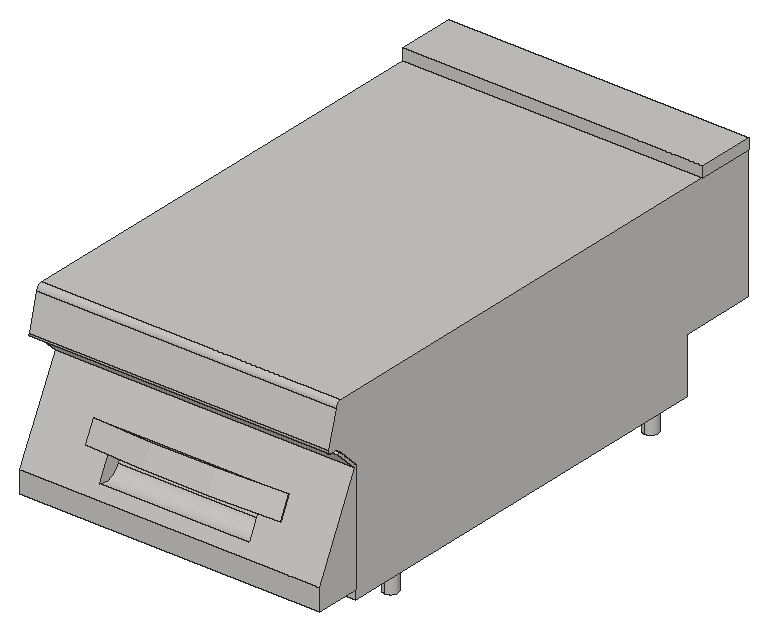
Revit family "QF_ZANUSSI_372117_Z7WTNDN00E", category Specialty Equipment, Revit 2018
Family settings
  Round Connector Dimension = Use Diameter
  Part Type = Normal
  Work Plane-Based = No
  Always vertical = Yes
  Cut with Voids When Loaded = No
  Shared = No
  Room Calculation Point = No
Parameters
  Width = 400 mm  # constant formula
  Weight in Pounds = 0
  Weight = 0.00 kg
  Watts = 0 W
  Volts = 0 V
  URL Manufacturer = "http://www.zanussiprofessional.com"
  URL Cutsheet = "www.electrolux.com"
  URL = "http://www.zanussiprofessional.com"
  Type Mark [instance] = ""
  Steam Supply Size = 0"
  Steam Supply Minimum Pressure = 0.00 psi
  Steam Supply Maximum Pressure = 0.00 psi
  Steam Pounds per Hour = 0
  Status [instance] = ""
  Specification by User [instance] = ""
  Specification by Manufacturer = ""
  Show Logo [instance] = yes
  Show Clearance [instance] = yes
  Serial Number = ""
  Seismic Rating = ""
  SMACNA No = ""
  Revision Code [instance] = ""
  Refrigeration Suction Line Size = 0"
  Refrigeration Liquid Line Size = 0"
  Refrigerant Compressor Remote = yes
  Phase = 0
  Omniclass Number and Title = ""
  NAFEM Spec ID Number = ""
  Model = "Z7WTNDN00E"
  Masterspec = ""
  Manufacturer = "Zanussi"
  Length Actual = 400 mm  # constant formula
  Item Number [instance] = "372117"
  Installed By [instance] = ""
  Identify Quantity as Lot [instance] = yes
  Hot Water Size = 0"
  Height Actual = 250 mm  # constant formula
  Height = 289 mm  # constant formula
  HP = "0 HP"
  Gas Size = 0"
  Gas KW = 0
  Gas Input Pressure = 0.0 Btu/h
  Furnished By [instance] = ""
  Foodservice Equipment Identifier [instance] = yes
  Direct Waste Size = 0"
  Description = "AMBIENT WORKTOP WITH DRAWER 400 MM"
  Depth Actual = 700 mm  # constant formula
  Depth = 715 mm  # constant formula
  Cycle = 0 Hz
  Condensate Return Size = 0"
  Compressed Air Volume = 0 GPM
  Compressed Air Size = 0"
  Compressed Air Pressure = 0.00 psi
  Cold Water Size = 0"
  CSI MasterFormat = ""
  CSI Master Format = ""
  Base Height = 24 mm  # constant formula
  Assembly Code = ""
  Accessory = yes
Reference planes
  plane 1 "BACK": y = 0
  plane 2: z = 0
  plane 3 "LEFT": x = 0
  plane 4 "RIGHT": x = 400
  plane 5 "FRONT": y = -715
  plane 6 "TOP": z = 274
  plane 7 "Center Y": x = 200
  plane 8 "Center X": y = -357.5
  plane 9: z = 24
  plane 10: z = 289
Forms (mm)
  Extrusion 1, solid, material "QF_Finishes_Stainless Steel"
    sketch origin (0, 0, 0) x (0, 1, 0) y (0, 0, 1)
      loop
        line (0, 98) -> (0, 274) -> (-679.358, 274)
        arc (-679.358, 274) -> (-684.643, 271.811) -> (-686.833, 266.526) r 7.474
        line (-686.833, 266.526) -> (-699.884, 221.011)
        arc (-699.884, 221.011) -> (-699.396, 218.379) -> (-697, 217.184) r 3
        line (-697, 217.184) -> (-686.802, 217.184) -> (-655, 185.382) -> (-655, 24) -> (-103, 24) -> (-103, 98) -> (0, 98)
    from 0 to 400
  Extrusion 2, solid, material "QF_Finishes_Stainless Steel"
    sketch origin (0, 0, 0) x (1, 0, 0) y (0, 1, 0)
      loop
        circle (11.112, -149.225) r 9.525
      loop
        circle (388.888, -149.225) r 9.525
      loop
        circle (11.112, -583.238) r 9.525
      loop
        circle (388.888, -583.238) r 9.525
    from 0 to 24
  Extrusion 3, solid, material "QF_Finishes_Stainless Steel"
    sketch origin (0, 0, 0) x (0, 1, 0) y (0, 0, 1)
      loop
        line (0, 274) -> (0, 289) -> (-76.2, 289) -> (-76.2, 274) -> (0, 274)
    from 0 to 400
  Extrusion 4, solid, material "QF_Finishes_Stainless Steel"
    sketch origin (0, -16.423, 0) x (0, 1, 0) y (0, 0, 1)
      loop
        line (-638.559, 36.022) -> (-638.559, 185.364) -> (-665.785, 212.59) -> (-667.975, 210.401) -> (-640.012, 182.439) -> (-698.577, 64.508) -> (-698.577, 36.022) -> (-638.559, 36.022)
    from 0 to 400.05
  Extrusion 5, solid, material "QF_Finishes_Drawer Clearance", visible <- "Show Clearance", detail levels coarse
    sketch origin (0, -16.423, 0) x (0, -1, 0) y (0, 0, 1)
      loop
        line (1208.22, 212.646) -> (665.729, 212.646) -> (667.975, 210.401) -> (640.012, 182.439) -> (698.577, 64.508) -> (698.577, 36.022) -> (1236.577, 36.022) -> (1236.577, 64.508) -> (1178.012, 182.439) -> (1208.22, 212.646)
    from 0 to -400
  Extrusion 6, solid, material "QF_Finishes_Stainless Steel"
    sketch origin (-77.88, -4338.588, 1473.228) x (-1, 0, 0) y (0, -0.895639, 0.444781)
      loop
        arc (-147.606, -3871.085) -> (-277.88, -3857) -> (-408.153, -3871.085) r 609.497
        line (-408.153, -3871.085) -> (-408.153, -3872) -> (-147.606, -3872) -> (-147.606, -3871.085)
    from 400 to 430
  Extrusion 7, void
    sketch origin (200, -335.398, -682.266) x (0, 0.895639, -0.444781) y (0, 0.444781, 0.895639)
      loop
        line (-672.137, 567) -> (-672.137, 517)
        arc (-672.137, 517) -> (-656.47, 524.721) -> (-650.137, 541) r 24.091
        line (-650.137, 541) -> (-650.137, 567) -> (-672.137, 567)
    from -100 to 100
Cuts and joins
  Extrusion 7 cuts Extrusion 1
  Extrusion 7 cuts Extrusion 4
Lines and regions (mm)
  symbolic lines
    curve 1: line (0, -714.879, 0) -> (400, -714.879, 0)
    curve 2: line (0, 0, 0) -> (0, -714.879, 0)
    curve 3: line (400, 0, 0) -> (0, 0, 0)
    curve 4: line (400, -714.879, 0) -> (400, 0, 0)
    curve 5: line (0, -76.2, 0) -> (400, -76.2, 0)
    curve 9: line (0, -699.879, 0) -> (400, -699.879, 0)
    curve 10: line (100, -699.879, 0) -> (100, -707.439, 0)
    curve 11: line (100, -707.439, 0) -> (300, -707.439, 0)
    curve 12: line (300, -707.439, 0) -> (300, -699.879, 0)
    curve 13: spline (292.45, -699.879, 0) -> (277.133, -701.807, 0) -> (261.766, -703.385, 0) -> (246.36, -704.614, 0) -> (230.923, -705.492, 0) -> (215.466, -706.02, 0) -> (200, -706.196, 0) -> (184.534, -706.02, 0) -> (169.077, -705.492, 0) -> (153.64, -704.614, 0) -> (138.234, -703.385, 0) -> (122.867, -701.807, 0) -> (107.55, -699.879, 0)
  symbolic lines, style "QF_Drawer Clearance"
    curve 6: line (400, -714.879, 0) -> (400, -1249.747, 0)
    curve 7: line (0, -1249.747, 0) -> (400, -1249.747, 0)
    curve 8: line (0, -1249.747, 0) -> (0, -714.879, 0)
Dimensions and locks
  equal spacing: plane 3 "LEFT", plane 7 "Center Y", plane 4 "RIGHT"
  "Width": plane 3 "LEFT" to plane 4 "RIGHT"
  equal spacing: plane 5 "FRONT", plane 8 "Center X", plane 1 "BACK"
  "Depth": plane 5 "FRONT" to plane 1 "BACK"
  "Height": plane 10 to level
  "Base Height": plane 9 to level
  aligned and locked: level to plane 2
  aligned and locked: plane 4 "RIGHT" to Extrusion 1
  aligned and locked: plane 4 "RIGHT" to Extrusion 3
  aligned and locked: plane 4 "RIGHT" to Extrusion 5
Automatic sketch dimensions
  Extrusion 3 sketch curve to plane 6 "TOP" = 0 mm
  Extrusion 3 sketch curve to plane 10 = 0 mm
  Extrusion 3 sketch curve to plane 1 "BACK" = 0 mm
  plane 1 "BACK" to Extrusion 3 sketch curve = 76.2 mm
  Extrusion 4 sketch curve to plane 5 "FRONT" = 0 mm
  Extrusion 4 sketch curve to plane 5 "FRONT" = 30.603 mm
  Extrusion 4 sketch curve to Extrusion 4 sketch curve = 27.962 mm
  plane 9 to Extrusion 4 sketch curve = 12.022 mm
  Extrusion 4 sketch curve to Extrusion 4 sketch curve = 28.486 mm
  Extrusion 4 sketch curve to plane 6 "TOP" = 91.561 mm
  Extrusion 4 sketch curve to Extrusion 4 sketch curve = 2.925 mm
  Extrusion 4 sketch curve to Extrusion 4 sketch curve = 25.037 mm
  Extrusion 4 sketch curve to Extrusion 4 sketch curve = 2.189 mm
  Extrusion 1 sketch curve to plane 6 "TOP" = 0 mm
  Extrusion 1 sketch curve to plane 9 = 0 mm
  Extrusion 1 sketch curve to plane 1 "BACK" = 0 mm
  plane 1 "BACK" to Extrusion 1 sketch curve = 103 mm
  Extrusion 1 sketch curve to plane 5 "FRONT" = 60 mm
  Extrusion 1 sketch curve to plane 6 "TOP" = 7.474 mm
  Extrusion 1 sketch curve to plane 5 "FRONT" = 35.642 mm
  Extrusion 1 sketch curve to plane 5 "FRONT" = 28.198 mm
  Extrusion 1 sketch curve to Extrusion 1 sketch curve = 10.198 mm
  Extrusion 1 sketch curve to Extrusion 1 sketch curve = 2.884 mm
  Extrusion 1 sketch curve to Extrusion 1 sketch curve = 74 mm
  Extrusion 1 sketch curve to Extrusion 1 sketch curve = 49.342 mm
  Extrusion 1 sketch curve to Extrusion 1 sketch curve = 3 mm
  Extrusion 1 sketch curve to Extrusion 1 sketch curve = 31.802 mm
  Extrusion 7 sketch curve to plane 5 "FRONT" = 7.561 mm
  Extrusion 7 sketch curve to plane 5 "FRONT" = 16.363 mm
  plane 9 to Extrusion 7 sketch curve = 78.159 mm
  Extrusion 7 sketch curve to Extrusion 7 sketch curve = 2.091 mm
  Extrusion 7 sketch curve to Extrusion 7 sketch curve = 26 mm
  Extrusion 2 sketch curve to Extrusion 2 sketch curve = 0 mm  (x8)
  plane 3 "LEFT" to Extrusion 2 sketch curve = 11.112 mm  (x2)
  Extrusion 2 sketch curve to plane 4 "RIGHT" = 11.112 mm  (x2)
  Extrusion 2 sketch curve to plane 5 "FRONT" = 131.762 mm  (x2)
  plane 1 "BACK" to Extrusion 2 sketch curve = 149.225 mm  (x2)
  Extrusion 2 sketch curve to Extrusion 2 sketch curve = 9.525 mm  (x4)
  Extrusion 5 sketch curve to Extrusion 4 = 0 mm  (x5)
  Extrusion 4 to Extrusion 5 sketch curve = 0 mm  (x2)
  Extrusion 5 sketch curve to Extrusion 5 sketch curve = 2.245 mm
  Extrusion 5 sketch curve to Extrusion 4 = 146.417 mm
  Extrusion 4 to Extrusion 5 sketch curve = 479.435 mm
  Extrusion 5 sketch curve to Extrusion 5 sketch curve = 30.207 mm
  Extrusion 5 sketch curve to Extrusion 4 = 28.486 mm
  Extrusion 5 sketch curve to Extrusion 5 sketch curve = 58.565 mm
  Extrusion 6 sketch curve to plane 7 "Center Y" = 0 mm
  Extrusion 6 sketch curve to plane 4 "RIGHT" = 69.727 mm
  plane 3 "LEFT" to Extrusion 6 sketch curve = 69.727 mm
  Extrusion 6 sketch curve to Extrusion 6 sketch curve = 594.497 mm
  Extrusion 6 sketch curve to Extrusion 6 sketch curve = 0.915 mm
  curve 1 to plane 3 "LEFT" = 0 mm
  curve 4 to plane 4 "RIGHT" = 0 mm
  plane 1 "BACK" to curve 4 = 0 mm
  curve 10 to plane 5 "FRONT" = 7.561 mm
  plane 3 "LEFT" to curve 10 = 100 mm
  curve 6 to plane 5 "FRONT" = 0.121 mm
  plane 5 "FRONT" to curve 6 = 534.747 mm
  curve 11 to plane 4 "RIGHT" = 100 mm
  curve 11 to curve 12 = 7.56 mm
  curve 5 to curve 2 = 76.2 mm
  curve 13 to plane 7 "Center Y" = 0 mm
  plane 1 "BACK" to curve 13 = 160.306 mm
  curve 13 to plane 3 "LEFT" = 409.497 mm
  curve 10 to curve 13 = 7.55 mm
